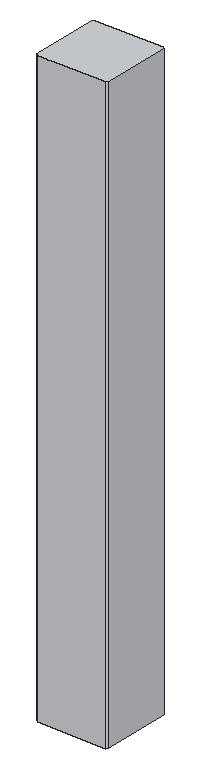
Revit family "Søjle - SE", category Structural Columns, Revit 2019
Family settings
  Section Shape = Not Defined
  Material for Model Behavior = Other
  Always export as geometry = No
  Beam cutback in plan = From bounding box
  OmniClass Number = 23.25.30.11.14.11
  OmniClass Title = Columns
  Cut with Voids When Loaded = No
  Symbolic Representation = From Family
  Shared = No
  Show family pre-cut in plan views = Yes
Parameters (values of type "SE 48/48")
  Type Recess F/B = Recess : Front/Back
  Type Recess Array L/R = Recess Array : Left/Right
  Type Recess L/R = Recess : Left/Right
  Type Recess Array F/B = Recess Array : Front/Back
  Type Non = Non : Non
  Type Chamfer = Chamfer Top : Chamfer Top
  Structural Material [instance] = Default
  Select Recess L/R [instance] = if(not(Antal Recesser Bund > 0), Type Non, if(Antal Recesser Bund = 1, [Type Recess L/R], [Type Recess Array L/R]))  # Non : Non
  Select Recess F/B [instance] = if(not(Antal Recesser Bund > 0), Type Non, if(Antal Recesser Bund = 1, [Type Recess F/B], [Type Recess Array F/B]))  # Non : Non
  Select Chamfer [instance] = if(Affaset Top, Type Chamfer, Type Non)  # Non : Non
  Model = "SE"  # constant formula
  Manufacturer = "CRH Concrete"  # constant formula
  Højde [instance] = 4000 mm
  Dybde = 480 mm
  Bredde = 480 mm
  Chamfer = 10 mm  # constant formula
  Antal Recesser Bund = 0
  Affaset Top = no
Reference planes
  plane 1 "Center (Front/Back)": y = 0
  plane 2: z = 0
  plane 3 "Center (Left/Right)": x = 0
  plane 4 "Left": x = -240
  plane 5 "Right": x = 240
  plane 6 "Back": y = 240
  plane 7 "Front": y = -240
  plane 8: x = -230
  plane 9: x = 230
  plane 10: y = 230
  plane 11: y = -230
Forms (mm)
  Extrusion 1, solid
    sketch origin (0, 0, 0) x (1, 0, 0) y (0, 1, 0)
      loop
        line (-230, -240) -> (230, -240) -> (240, -230) -> (240, 230) -> (230, 240) -> (-230, 240) -> (-240, 230) -> (-240, -230) -> (-230, -240)
    from 0 to 4000
Dimensions and locks
  equal spacing: plane 4 "Left", plane 3 "Center (Left/Right)", plane 5 "Right"
  equal spacing: plane 7 "Front", plane 1 "Center (Front/Back)", plane 6 "Back"
  "Bredde": plane 4 "Left" to plane 5 "Right"
  "Dybde": plane 7 "Front" to plane 6 "Back"
  "Chamfer": plane 4 "Left" to plane 8
  "Chamfer": plane 9 to plane 5 "Right"
  "Chamfer": plane 6 "Back" to plane 10
  "Chamfer": plane 7 "Front" to plane 11
  "Højde": level to level
  aligned and locked: level to plane 2
  aligned and locked: level to Extrusion 1
  aligned and locked: plane 1 "Center (Front/Back)" to nested 1
  aligned and locked: plane 3 "Center (Left/Right)" to nested 1
  aligned and locked: nested 4 to plane 5 "Right"
  aligned and locked: nested 4 to plane 2
  aligned and locked: plane 4 "Left" to nested 3
  aligned and locked: nested 3 to plane 2
  aligned and locked: nested 5 to plane 6 "Back"
  aligned and locked: nested 5 to plane 2
  aligned and locked: plane 7 "Front" to nested 2
  aligned and locked: nested 2 to plane 2
Automatic sketch dimensions
  Extrusion 1 sketch curve to plane 4 "Left" = 0 mm
  plane 7 "Front" to Extrusion 1 sketch curve = 0 mm
  Extrusion 1 sketch curve to plane 8 = 0 mm  (x2)
  plane 6 "Back" to Extrusion 1 sketch curve = 0 mm
  Extrusion 1 sketch curve to plane 9 = 0 mm  (x2)
  Extrusion 1 sketch curve to plane 5 "Right" = 0 mm
  Extrusion 1 sketch curve to plane 11 = 0 mm  (x2)
  Extrusion 1 sketch curve to plane 10 = 0 mm  (x2)
Nested families
  nested 1: "Non" at (0, 0, 4000), type <- "Select Chamfer", type "Non"
  nested 2: "Non" at (240, -240, 0) x (0, 0, -1) z (1, 0, 0), type <- "Select Recess L/R", type "Non"
  nested 3: "Non" at (-240, -240, 0) x (0, 0, -1) z (0, -1, 0), type <- "Select Recess F/B", type "Non"
  nested 4: "Non" at (240, 240, 0) x (0, 0, -1) z (0, 1, 0), type <- "Select Recess F/B", type "Non"
  nested 5: "Non" at (-240, 240, 0) x (0, 0, -1) z (-1, 0, 0), type <- "Select Recess L/R", type "Non"
Definition of nested family "Non"
  Parameters (values of type "Non")
    Manufacturer = "CRH Concrete"  # constant formula
    Default Elevation = 0 mm
  Reference planes
    plane 1 "Center (Front/Back)": y = 0
    plane 2: z = 0
    plane 3 "Center (Left/Right)": x = 0
    plane 4 "Top": z = -50
    plane 5 "Bottom": z = -550
  Forms (mm)
    Extrusion 1, solid
      sketch origin (0, 0, 0) x (1, 0, 0) y (0, 1, 0)
        loop
          line (-1219.2, 1219.2) -> (-1219.2, -1219.2) -> (1219.2, -1219.2) -> (1219.2, 1219.2) -> (-1219.2, 1219.2)
      from 0 to -750
  Dimensions and locks
    aligned and locked: plane 2 to Extrusion 1
    aligned and locked: level to Extrusion 1
